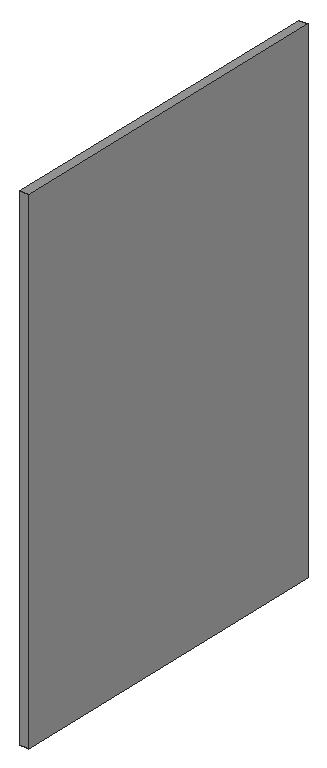
Revit family "SH-2122", category Lighting Fixtures, Revit 2017
Family settings
  Round Connector Dimension = Use Diameter
  Part Type = Normal
  OmniClass Number = 23.80.70.00
  OmniClass Title = Lighting
  Work Plane-Based = Yes
  Always vertical = No
  Cut with Voids When Loaded = No
  Light Source = No
  Shared = Yes
  Room Calculation Point = No
Parameters (values of type "Sh-2122(Black color-2000K-E40)")
  wattage = 0 W
  instalation = ""
  consumption current = 0 A
  color temperature = "2000K-5500K"
  color rendering index(CRI) = "80<"
  Width = 37.999 cm
  Website = "www.shoaco.com"
  Voltage/Frequency = "230V/50HZ"
  URL = "https://www.shoaco.com/fa/product/%D9%BE%D8%B1%D9%88%DA%98%DA%A9%D8%AA%D9%88%D8%B1-%D9%87%D8%A7/597-%D9%BE%D8%B1%D9%88%DA%98%DA%A9%D8%AA%D9%88%D8%B1%D9%87%D8%A7-SH-2122.html"
  Type medule = ""
  Protection Class = ""
  Model = "SH-2122"
  Manufacturer = "SHOA"
  Luminaire Vertical Angle [instance] = 0.00°
  Lamp = "E40"
  IP = "IP65"
  Height = 54.2509 cm
  Flicker = ""
  Default Elevation = 121.92 cm
  Body color = Black color
  Body Material = "Aluminum"
  5500K = no
  2000K = yes
Types (5, lengths in cm): name | Body color | 5500K | 2000K
  (no name) | Black color | no | yes
  Sh-2122(Black color-2000K-E40) | Black color | no | yes
  Sh-2122(Black color-5500K-E40) | Black color | yes | no
  Sh-2122(White color-2000K-E40) | White color | no | yes
  Sh-2122(White color-5500K-E40) | White color | yes | no
Reference planes (cm)
  plane 1 "Light Source Axis (F/B)": y = 0
  plane 2: z = 0
  plane 3 "Light Source Axis (L/R)": x = 0
  plane 4 "Light Source Elevation": z = 137.16
  plane 5: y = -18.1245
  plane 6: y = 19.8745
  plane 7: z = 54.2509
Forms (cm)
  Extrusion 1, solid, not visible
    sketch origin (58.7935, 36.7249, 0) x (1, 0, 0) y (0, 1, 0)
      loop
        line (31.2065, 29.2751) -> (-148.7935, 29.2751) -> (-148.7935, -100.7249) -> (31.2065, -100.7249) -> (31.2065, 29.2751)
    from -8 to 0
Dimensions and locks (cm)
  "Width": plane 6 to plane 5
  "Height": plane 7 to Extrusion 1
  aligned and locked: level to plane 2
  aligned and locked: level to Extrusion 1
Automatic sketch dimensions
  Extrusion 1 sketch curve to plane 3 "Light Source Axis (L/R)" = 90.0 cm
  plane 3 "Light Source Axis (L/R)" to Extrusion 1 sketch curve = 90.0 cm
  Extrusion 1 sketch curve to plane 5 = 45.8755 cm
  plane 6 to Extrusion 1 sketch curve = 46.1255 cm
Nested families (cm)
  nested 1: "2122-1" at (-0.0312, 0.9452, 16.9799), Body Material <- "Body Material", Body color <- "Body color", Luminaire Vertical Angle <- "Luminaire Vertical Angle", type "2122-1"
    with Luminaire Vertical Angle 0.00°, Diffuser light, Body color Black color, Body Material "Aluminum"
  nested 2: "2122" at (17.5393, 0.9452, 30.5424) x (0, 0, -1) z (0, -1, 0), type "2122"
    with Diffuser none, Body color Black color, Body Material "Aluminum"
  nested 3: "E40" at (8.7488, 0, -99.1818), visible <- "2000K", type "E40(2000K)"
  nested 4: "E40" at (8.8259, 0, -99.1818), visible <- "2000K", type "E40(5500K)"
Definition of nested family "2122-1"
  Parameters (values of type "2122-1")
    Diffuser [instance] = none
    Default Elevation = 121.92 cm
    Body color [instance] = none
    Body Material [instance] = "Aluminum"
    Luminaire Vertical Angle [instance] = 0.00°
  Reference planes (cm)
    plane 1 "Center (Front/Back)": y = 0
    plane 2: z = 0
    plane 3 "Center (Left/Right)": x = 0
  Forms (cm)
    Extrusion 1, solid, material <- "Diffuser"
      sketch origin (36.1955, 0, 0) x (-1, 0, 0) y (0, 0, -1)
        loop
          line (31.0293, -35.0073) -> (31.8587, -35.0073) -> (31.8587, 9.0193) -> (31.0293, 9.0193) -> (31.0293, -35.0073)
      from -15.4213 to 15.4595
  Lines and regions (cm)
    reference lines
      curve 1: line (36.1955, 0, 0) -> (0, 0, 0)
  Dimensions and locks (cm)
    "Luminaire Vertical Angle": angle level to curve 1
    aligned and locked: plane 2 to level
    aligned and locked: level to curve 1
  Automatic sketch dimensions
    curve 1 to Extrusion 1 sketch curve = 31.0293 cm
    Extrusion 1 sketch curve to curve 1 = 4.3368 cm
    Extrusion 1 sketch curve to curve 1 = 35.0073 cm
    Extrusion 1 sketch curve to Extrusion 1 sketch curve = 44.0267 cm
    curve 1 to plane 3 "Center (Left/Right)" = 0.0 cm
  Nested families (cm)
    nested 1: "2122" at (17.5705, 0, 13.5625) x (0, 0, -1) z (0, -1, 0), Body color <- "Body color", type "2122"
      with Diffuser none, Body color none, Body Material "Aluminum"
  Definition of nested family "2122"
    Parameters (values of type "2122")
      Diffuser [instance] = none
      Default Elevation = 121.92 cm
      Body color [instance] = none
      Body Material [instance] = "Aluminum"
    Reference planes (cm)
      plane 1 "Center (Front/Back)": y = 0
      plane 2: z = 0
      plane 3 "Center (Left/Right)": x = 0
    Dimensions and locks (cm)
      aligned and locked: plane 2 to level
Definition of nested family "2122"
  Parameters (values of type "2122")
    Diffuser [instance] = none
    Default Elevation = 121.92 cm
    Body color [instance] = none
    Body Material [instance] = "Aluminum"
  Reference planes (cm)
    plane 1 "Center (Front/Back)": y = 0
    plane 2: z = 0
    plane 3 "Center (Left/Right)": x = 0
  Dimensions and locks (cm)
    aligned and locked: plane 2 to level
Definition of nested family "E40"
  Parameters (values of type "E40(5500K)")
    Wattage = 12.1178 W
    built-in parameter 1150110 = 1 (stored number, unit not read)
    built-in parameter 1114217 = 1 (stored number, unit not read)
    Tilt Angle = 90.00°
    built-in parameter 1150109 = 1 (stored number, unit not read)
    built-in parameter 1150134 = (empty or 0)
    built-in parameter 1150113 = 1 (stored number, unit not read)
    Photometric Web File = "92917406_(1200mA).IES"
    Lumens = 1800 lm
    built-in parameter 1150115 = 1 (stored number, unit not read)
    built-in parameter 1150105 = 143.24 (stored number, unit not read)
    built-in parameter 1150137 = (empty or 0)
    built-in parameter 1150139 = (empty or 0)
    built-in parameter 1150112 = 1 (stored number, unit not read)
    built-in parameter 1150114 = 1 (stored number, unit not read)
    built-in parameter 1150132 = 2
    built-in parameter 1150102 = (empty or 0)
    built-in parameter 1150138 = (empty or 0)
    built-in parameter 1150107 = 5500 (stored number, unit not read)
    built-in parameter 1150106 = 1.4324 (stored number, unit not read)
    built-in parameter 1150104 = 13.8 (stored number, unit not read)
    Dimming Lamp Color Temperature Shift = (empty or 0)
    Default Elevation = 121.92 cm
    Color Filter = 16777215
    built-in parameter 1114218 = 1 (stored number, unit not read)
    built-in parameter 1150133 = 10 (stored number, unit not read)
  Types (3, lengths in cm): name | built-in parameter 1150107
    (no name) | 5500 (stored number, unit not read)
    E40(2000K) | 2000 (stored number, unit not read)
    E40(5500K) | 5500 (stored number, unit not read)
  Reference planes (cm)
    plane 1 "Light Source Axis (F/B)": y = 0
    plane 2: z = 0
    plane 3 "Light Source Axis (L/R)": x = 0
    plane 4 "Light Source Elevation": z = 137.16
  Dimensions and locks (cm)
    aligned and locked: plane 3 "Light Source Axis (L/R)" to imposter light
    aligned and locked: plane 1 "Light Source Axis (F/B)" to imposter light
    aligned and locked: plane 4 "Light Source Elevation" to imposter light
    aligned and locked: level to plane 2
